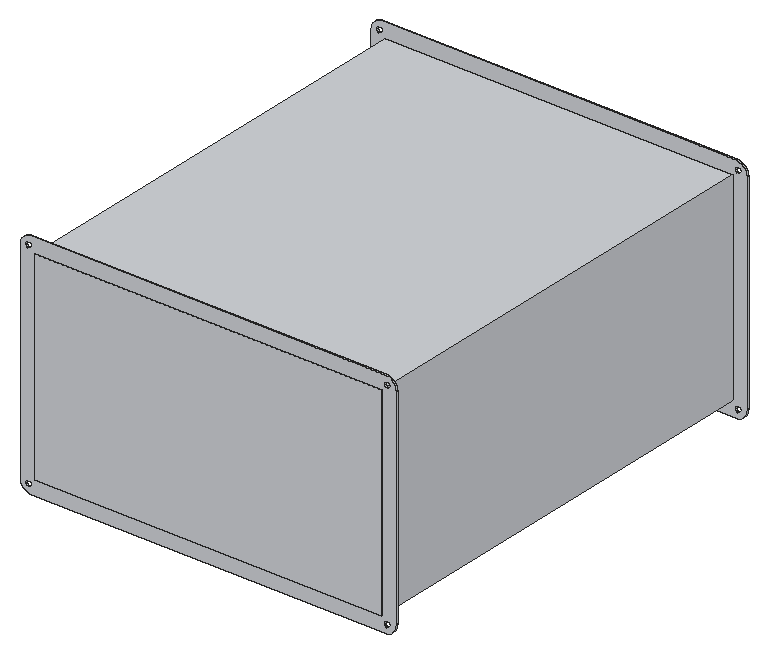
Revit family "BVN_BDKF", category Mechanical Equipment, Revit 2019
Family settings
  Round Connector Dimension = Use Diameter
  Part Type = Breaks Into
  OmniClass Number = 23.75.00.00
  OmniClass Title = Climate Control (HVAC)
  Work Plane-Based = No
  Always vertical = Yes
  Cut with Voids When Loaded = No
  Shared = No
  Room Calculation Point = No
Parameters (values of type "BDKF 60-35B")
  Weight = 32.00 kg
  Voltage = 230 V
  URL = "http://www.bahcivanmotor.com.tr/index.php"
  Speed ( d/d ) = 1680
  Sound Pressure Level dB(A) = 58
  Sac = -2 mm
  Protection Class = 44
  Power = 270 W
  Model = "BDKF"
  Material = none
  Manufacturer = "Bahçıvan Elektrik Motor San. ve Tic. Ltd. Şti."
  Insulation Class = "F"
  G = 400 mm
  Frequency = 50 Hz
  F = 650 mm
  E = 370 mm
  Description = "Duct Fan"
  D = 620 mm
  Corners = 20 mm
  Capacitor = 8
  C = 760 mm
  B = 600 mm
  Air Flow = 3900.0 m³/h
  Current = 1.4 A
  A = 350 mm
Types (13, lengths in mm): name | Weight | Voltage | Speed ( d/d ) | Sound Pressure Level dB(A) | Power | Insulation Class | G | F | E | D | Corners | Capacitor | C | B | Air Flow | Current | A
  BDKF 30-15 | 7.00 kg | 230 V | 2450 | 43 | 95 W | "B" | 200 | 350 | 170 | 320 | 15 | 2.5 | 400 | 300 | 450.0 m³/h | 0.47 A | 150
  BDKF 40-20A | 10.50 kg | 230 V | 2870 | 48 | 135 W | "B" | 250 | 450 | 220 | 420 | 15 | 4 | 500 | 400 | 1030.0 m³/h | 0.68 A | 200
  BDKF 40-20B | 11.00 kg | 230 V | 2650 | 54 | 180 W | "B" | 250 | 450 | 220 | 420 | 15 | 5 | 500 | 400 | 1150.0 m³/h | 0.9 A | 200
  BDKF 50-25 | 15.00 kg | 230 V | 2750 | 58 | 240 W | "B" | 300 | 550 | 270 | 520 | 20 | 6 | 565 | 500 | 1700.0 m³/h | 1.17 A | 250
  BDKF 60-30 | 29.00 kg | 230 V | 1650 | 50 | 155 W | "F" | 350 | 650 | 320 | 620 | 20 | 3 | 650 | 600 | 2180.0 m³/h | 0.71 A | 300
  BDKF 60-35A | 31.00 kg | 230 V | 1650 | 53 | 155 W | "F" | 400 | 650 | 370 | 620 | 20 | 3 | 760 | 600 | 2895.0 m³/h | 0.7 A | 350
  BDKF 60-35B | 32.00 kg | 230 V | 1680 | 58 | 270 W | "F" | 400 | 650 | 370 | 620 | 20 | 8 | 760 | 600 | 3900.0 m³/h | 1.4 A | 350
  BDKF 70-40A | 44.00 kg | 230 V | 1150 | 56 | 440 W | "F" | 450 | 750 | 420 | 720 | 20 | 10 | 800 | 700 | 4600.0 m³/h | 2.2 A | 400
  BDKF 70-40B | 46.00 kg | 230 V | 1450 | 58 | 775 W | "F" | 450 | 750 | 420 | 720 | 20 | 10 | 800 | 700 | 5800.0 m³/h | 3.7 A | 400
  BDKF 80-50 | 66.00 kg | 380 V | 1335 | 64 | 960 W | "F" | 560 | 850 | 520 | 820 | 20 | 0 | 920 | 800 | 7550.0 m³/h | 2 A | 500
  BDKF 100-50 | 84.00 kg | 380 V | 1250 | 66 | 1400 W | "F" | 560 | 1060 | 530 | 1030 | 20 | 0 | 1050 | 1000 | 9600.0 m³/h | 2.7 A | 500
  BDKF 80-50M | 72.00 kg | 230 V | 1150 | 64 | 1160 W | "F" | 560 | 850 | 520 | 820 | 20 | 16 | 920 | 800 | 6440.0 m³/h | 5.11 A | 500
  BDKF 100-50M | 84.00 kg | 230 V | 1250 | 66 | 1550 W | "F" | 560 | 1060 | 530 | 1030 | 20 | 25 | 1050 | 1000 | 9600.0 m³/h | 7.3 A | 500
Reference planes
  plane 1 "Center (Front/Back)": y = 0
  plane 2: z = 0
  plane 3 "Center (Left/Right)": x = 0
  plane 4: z = 175
  plane 5: z = -175
  plane 6: x = -300
  plane 7: x = 300
  plane 8: y = 380
  plane 9: y = -380
  plane 10: z = 200
  plane 11: z = -200
  plane 12: x = 325
  plane 13: x = -325
Forms (mm)
  Extrusion 1, solid, material <- "Material"
    sketch origin (0, 0, 0) x (1, 0, 0) y (0, 0, 1)
      loop
        line (-300, 175) -> (-300, -175) -> (300, -175) -> (300, 175) -> (-300, 175)
    from -380 to 380
  Extrusion 2, solid, material <- "Material"
    sketch origin (0, -380, 0) x (1, 0, 0) y (0, 0, 1)
      loop
        arc (-305, 200) -> (-319.142, 194.142) -> (-325, 180) r 20
        line (-325, 180) -> (-325, -180)
        arc (-325, -180) -> (-319.142, -194.142) -> (-305, -200) r 20
        line (-305, -200) -> (305, -200)
        arc (305, -200) -> (319.142, -194.142) -> (325, -180) r 20
        line (325, -180) -> (325, 180)
        arc (325, 180) -> (319.142, 194.142) -> (305, 200) r 20
        line (305, 200) -> (-305, 200)
    from 0 to -2 <- "Sac"
  Extrusion 3, solid, material <- "Material"
    sketch origin (0, 380, 0) x (-1, 0, 0) y (0, 0, 1)
      loop
        arc (-305, 200) -> (-319.142, 194.142) -> (-325, 180) r 20
        line (-325, 180) -> (-325, -180)
        arc (-325, -180) -> (-319.142, -194.142) -> (-305, -200) r 20
        line (-305, -200) -> (305, -200)
        arc (305, -200) -> (319.142, -194.142) -> (325, -180) r 20
        line (325, -180) -> (325, 180)
        arc (325, 180) -> (319.142, 194.142) -> (305, 200) r 20
        line (305, 200) -> (-305, 200)
    from 0 to -2 <- "Sac"
  Extrusion 4, void
    sketch origin (0, 0, 0) x (1, 0, 0) y (0, 0, 1)
      loop
        circle (-310, 185) r 5
      loop
        circle (-310, -185) r 5
      loop
        circle (310, -185) r 5
      loop
        circle (310, 185) r 5
    from -1002.988 to 1152.151
Cuts and joins
  Extrusion 4 cuts Extrusion 2
  Extrusion 4 cuts Extrusion 3
Dimensions and locks
  equal spacing: plane 7, plane 3 "Center (Left/Right)", plane 6
  "B": plane 7 to plane 6
  equal spacing: plane 4, level, plane 5
  "A": plane 4 to plane 5
  equal spacing: plane 8, plane 1 "Center (Front/Back)", plane 9
  "C": plane 8 to plane 9
  equal spacing: plane 12, plane 3 "Center (Left/Right)", plane 13
  "F": plane 12 to plane 13
  equal spacing: plane 10, level, plane 11
  "G": plane 10 to plane 11
  "D": Extrusion 4 sketch curve to Extrusion 4 sketch curve  (x2)
  equal spacing: Extrusion 4 sketch curve, plane 3 "Center (Left/Right)", Extrusion 4 sketch curve  (x2)
  equal spacing: Extrusion 4 sketch curve, level, Extrusion 4 sketch curve  (x2)
  "E": Extrusion 4 sketch curve to Extrusion 4 sketch curve  (x2)
  "Corners": radius of Extrusion 2 sketch curve  (x4)
  "Corners": radius of Extrusion 3 sketch curve  (x4)
  radius of cut or joined group of Extrusion 2, Extrusion 4 = 5 mm  (x3)
  diameter of cut or joined group of Extrusion 3, Extrusion 4 = 10 mm
  aligned and locked: level to plane 2
  aligned and locked: plane 7 to Extrusion 1
  aligned and locked: Extrusion 1 to plane 5
  aligned and locked: Extrusion 1 to plane 6
  aligned and locked: Extrusion 1 to plane 4
  aligned and locked: plane 8 to Extrusion 1
  aligned and locked: Extrusion 1 to plane 9
  aligned and locked: Extrusion 2 sketch curve to plane 10
  aligned and locked: plane 13 to Extrusion 2 sketch curve
  aligned and locked: plane 11 to Extrusion 2 sketch curve
  aligned and locked: Extrusion 2 sketch curve to plane 12
  aligned and locked: Extrusion 2 to Extrusion 3 sketch curve  (x4)
Automatic sketch dimensions
  plane 6 to Extrusion 1 sketch curve = 0 mm
  Extrusion 1 sketch curve to plane 7 = 0 mm
  plane 5 to Extrusion 1 sketch curve = 0 mm
  Extrusion 1 sketch curve to plane 4 = 0 mm
  radius of Extrusion 4 sketch curve = 5 mm  (x4)
Connectors
  hvac at (0, 380, 0), driven by "A", driven by "B", driven by "Air Flow"
    settings: on Extrusion 1, index 1, duct flow 3900.0 m³/h, flow factor 0, pres drop 0.0 Pa, loss coef 0, conn angle 0.00°, conn width 600 mm, conn height 350 mm, conn diameter 609.6 mm, duct sys type 29, conn prof type 1, flow config 0, flow direction 0, loss method 0, conn ref index -1, conn util no, is conn primary yes, conn desc ""
  hvac at (0, -380, 0), driven by "A", driven by "B", driven by "Air Flow"
    settings: on Extrusion 1, index 2, duct flow 3900.0 m³/h, flow factor 0, pres drop 0.0 Pa, loss coef 0, conn angle 0.00°, conn width 600 mm, conn height 350 mm, conn diameter 609.6 mm, duct sys type 29, conn prof type 1, flow config 0, flow direction 0, loss method 0, conn ref index -1, conn util no, is conn primary no, conn desc ""
  electrical at (0, 0, 175)
    settings: on Extrusion 1, index 3, voltage 0 V, apparent load 0 VA, apparent load phase1 0 VA, apparent load phase2 0 VA, apparent load phase3 0 VA, power factor 1, load classification "Other", number of poles 1, system type 30, power factor state 1, is connector primary yes, connector utility no, sub classification motor no, connector description ""
